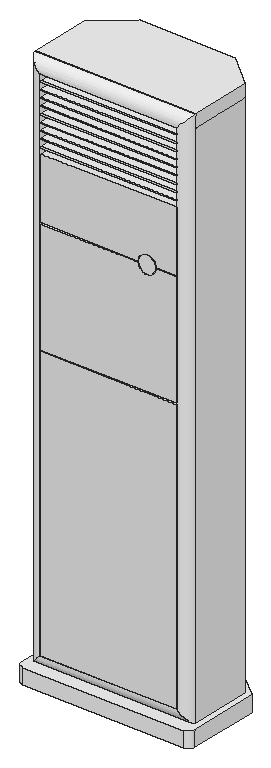
Revit family
Parameters (values of type "KO-M.E Office elec air conditioner AP-L1531R (525*320*1830)")
  Manufacturer = "SAMSUNG"
  Model = "AP-L1531R \r\n \r\nAP-L1531R \r\n \r\nAP-L1531R \r\n \r\nㅍ"
  ventilation material = white shine
  upper face material = white shine
  switch material = Stainless Steel, polished 2-1
  side material = white shine
  rester material = white shine
  face material = white shine
  frame material = white shine
  Assembly Code = ""
Reference planes
  plane 1 "중심(앞/뒤)": y = 0
  plane 2: z = 0
  plane 3 "중심(왼쪽/오른쪽)": x = 0
  plane 4: y = 160
  plane 5: y = -160
  plane 6: x = -262.5
  plane 7: x = 262.5
  plane 8: x = -80
  plane 9: x = 80
  plane 10: z = 1830
  plane 11: x = -222.5
  plane 12: x = 222.5
  plane 13: y = -130
  plane 14: y = 140
  plane 15: y = 70
  plane 16: z = 50
  plane 17: z = 982
  plane 18: z = 984
  plane 19: z = 980
  plane 20: x = -282.5
  plane 21: x = 282.5
  plane 22: y = 180
  plane 23: y = -180
  plane 24: z = 1355
  plane 25: z = 1357
  plane 26: z = 1353
  plane 27: z = 1557
  plane 28: z = 1673.5
  plane 29: z = 1675.5
  plane 30: z = 1671.5
  plane 31: z = 1695.5
  plane 32: z = 1699.5
  plane 33: z = 1647.5
  plane 34: z = 1651.5
  plane 35: z = 1719.5
  plane 36: z = 1723.5
  plane 37: z = 1743.5
  plane 38: z = 1747.5
  plane 39: z = 1767.5
  plane 40: z = 1771.5
  plane 41: z = 1623.5
  plane 42: z = 1627.5
  plane 43: z = 1599.5
  plane 44: z = 1603.5
  plane 45: z = 1575.5
  plane 46: z = 1579.5
Forms (mm)
  Sweep 1, solid, material "white shine"
    path origin (0, 0, 0) x (1, 0, 0) y (0, 0, 1)
      loop
        line (-262.5, 1830) -> (-262.5, 50) -> (262.5, 50) -> (262.5, 1830) -> (-262.5, 1830)
    profile origin (0, 0, 0) x (0, 0, 1) y (0, -1, 0)
      loop
        arc (1830, 130) -> (1816.421, 153.561) -> (1790, 160) r 34.552
        line (1790, 160) -> (1790, 130) -> (1830, 130)
  Extrusion 2, solid, material "Stainless Steel, polished 2-1"
    sketch origin (0, 0, 0) x (1, 0, 0) y (0, 1, 0)
      loop
        line (-262.5, -130) -> (-222.5, -130) -> (-222.5, 70) -> (-139.077, 140) -> (139.077, 140) -> (222.5, 70) -> (222.5, -130) -> (262.5, -130) -> (262.5, 70) -> (155.242, 160) -> (-155.242, 160) -> (-262.5, 70) -> (-262.5, -130)
    from 50 to 1790
  Extrusion 3, solid, material "white shine"
    sketch origin (0, 0, 0) x (1, 0, 0) y (0, 1, 0)
      loop
        line (-262.5, -130) -> (262.5, -130) -> (262.5, 70) -> (155.242, 160) -> (-155.242, 160) -> (-262.5, 70) -> (-262.5, -130)
    from 1790 to 1830
  Extrusion 4, solid, material "white shine 2"
    sketch origin (0, 0, 0) x (1, 0, 0) y (0, 1, 0)
      loop
        line (-222.5, -130) -> (-222.5, -160) -> (222.5, -160) -> (222.5, -130) -> (-222.5, -130)
    from 90 to 980
  Extrusion 5, solid, material "white shine 2"
    sketch origin (2.138, 0, 0) x (1, 0, 0) y (0, 1, 0)
      loop
        line (-224.638, -130) -> (-224.638, -160) -> (220.362, -160) -> (220.362, -130) -> (-224.638, -130)
    from 984 to 1353
  Extrusion 6, solid, material "white shine 2"
    sketch origin (0, 0, 0) x (1, 0, 0) y (0, 1, 0)
      loop
        line (-222.5, -130) -> (-222.5, -160) -> (222.5, -160) -> (222.5, -130) -> (-222.5, -130)
    from 1357 to 1557
  Extrusion 7, void
    sketch origin (-2.499, 0, 125) x (1, 0, 0) y (0, 0, 1)
      loop
        circle (129.164, 1230) r 30
    from 130 to 160
  Extrusion 8, solid, material "Stainless Steel, polished 2-1"
    sketch origin (-2.499, 0, 125) x (1, 0, 0) y (0, 0, 1)
      loop
        circle (129.302, 1230) r 28
    from 130 to 160
  Extrusion 9, solid, material "white shine"
    sketch origin (0, 0, 0) x (1, 0, 0) y (0, 1, 0)
      loop
        line (-262.5, -180) -> (262.5, -180)
        arc (262.5, -180) -> (276.642, -174.142) -> (282.5, -160) r 20
        line (282.5, -160) -> (282.5, 70) -> (151.407, 180) -> (-151.407, 180) -> (-282.5, 70) -> (-282.5, -160)
        arc (-282.5, -160) -> (-276.642, -174.142) -> (-262.5, -180) r 20
    from 0 to 50
  Extrusion 10, solid, material "white shine" <- "ventilation material"
    sketch origin (0, 0, 0) x (1, 0, 0) y (0, 0, 1)
      loop
        line (-222.5, 1771.5) -> (-222.5, 1767.5) -> (222.5, 1767.5) -> (222.5, 1771.5) -> (-222.5, 1771.5)
      loop
        line (-222.5, 1747.5) -> (-222.5, 1743.5) -> (222.5, 1743.5) -> (222.5, 1747.5) -> (-222.5, 1747.5)
      loop
        line (-222.5, 1723.5) -> (-222.5, 1719.5) -> (222.5, 1719.5) -> (222.5, 1723.5) -> (-222.5, 1723.5)
      loop
        line (-222.5, 1699.5) -> (-222.5, 1695.5) -> (222.5, 1695.5) -> (222.5, 1699.5) -> (-222.5, 1699.5)
      loop
        line (-222.5, 1575.5) -> (222.5, 1575.5) -> (222.5, 1579.5) -> (-222.5, 1579.5) -> (-222.5, 1575.5)
      loop
        line (-222.5, 1599.5) -> (222.5, 1599.5) -> (222.5, 1603.5) -> (-222.5, 1603.5) -> (-222.5, 1599.5)
      loop
        line (-222.5, 1623.5) -> (222.5, 1623.5) -> (222.5, 1627.5) -> (-222.5, 1627.5) -> (-222.5, 1623.5)
      loop
        line (-222.5, 1647.5) -> (222.5, 1647.5) -> (222.5, 1651.5) -> (-222.5, 1651.5) -> (-222.5, 1647.5)
      loop
        line (-222.5, 1675.5) -> (-222.5, 1671.5) -> (222.5, 1671.5) -> (222.5, 1675.5) -> (-222.5, 1675.5)
    from 130 to 160
  Extrusion 11, solid
    sketch origin (0, 0, 0) x (1, 0, 0) y (0, 1, 0)
      loop
        line (-222.5, -130) -> (222.5, -130) -> (222.5, -113.621) -> (-222.5, -113.621) -> (-222.5, -130)
    from 0 to 1790
Cuts and joins
  Extrusion 7 cuts Sweep 1
  Extrusion 7 cuts Extrusion 2
  Extrusion 7 cuts Extrusion 3
  Extrusion 7 cuts Extrusion 4
  Extrusion 7 cuts Extrusion 5
  Extrusion 7 cuts Extrusion 6
Dimensions and locks
  aligned and locked: Extrusion 3 to plane 10
  aligned and locked: Sweep 1 to Extrusion 3
  aligned and locked: Extrusion 4 sketch curve to Extrusion 2
  aligned and locked: Extrusion 4 sketch curve to Sweep 1  (x2)
  aligned and locked: Sweep 1 to Extrusion 4 sketch curve
